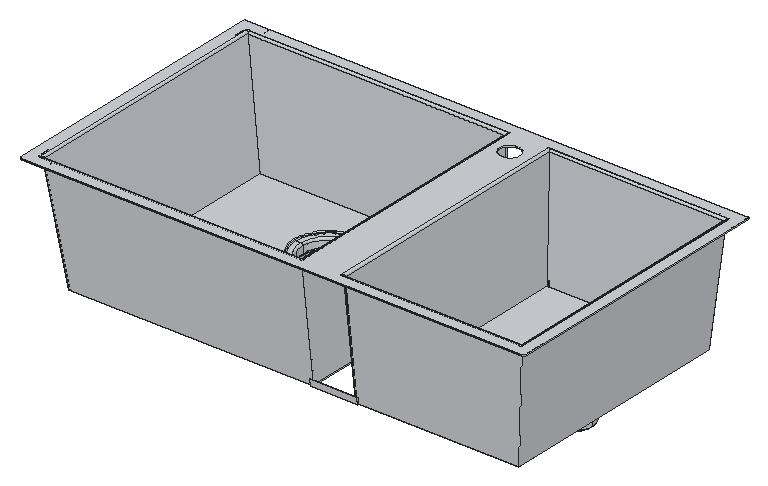
Revit family "Sink-Top_Undermount-Kitchen-KOHLER-GEOG-K-3748T_1", category Plumbing Fixtures, host Face, Revit 2017 (continued)
Definition of nested family "K-3748T"
  Lines and regions (in)
    symbolic lines, detail levels medium+fine
      curve 33: line (-7.9976949, 3.9370079, -11.5315039) -> (-5.7660846, 3.9370079, -11.5315039)
      curve 34: line (-8.6796279, 3.9370079, -11.1515431) -> (-5.0841517, 3.9370079, -11.1515431)
      curve 35: line (-8.8026792, 3.9370079, -8.7165433) -> (-4.9611004, 3.9370079, -8.7165433)
      curve 36: line (-9.1214535, 3.9370079, -8.3057718) -> (-4.642326, 3.9370079, -8.3057718)
      curve 37: line (-9.084772, 3.9370079, -8.1850472) -> (-4.6790075, 3.9370079, -8.1850472)
      curve 38: line (-9.2392389, 3.9370079, -8.0126315) -> (-4.5245406, 3.9370079, -8.0126315)
      curve 39: line (8.5219685, 3.9370079, -12.1716681) -> (10.753622, 3.9370079, -12.1716681)
      curve 40: line (10.8098964, 3.9370079, -12.1391781) -> (8.4656941, 3.9370079, -12.1391781)
      curve 41: line (8.4656941, 3.9370079, -11.6082591) -> (10.8098964, 3.9370079, -11.6082591)
      curve 42: line (10.7536004, 3.9370079, -11.5757566) -> (8.5219901, 3.9370079, -11.5757566)
      curve 43: line (8.5219901, 3.9370079, -11.5315039) -> (10.7536004, 3.9370079, -11.5315039)
      curve 44: line (7.8400572, 3.9370079, -11.1515431) -> (11.4355334, 3.9370079, -11.1515431)
      curve 45: line (7.7170059, 3.9370079, -8.7165433) -> (11.5585847, 3.9370079, -8.7165433)
      curve 46: line (7.3982315, 3.9370079, -8.3057718) -> (11.877359, 3.9370079, -8.3057718)
      curve 47: line (7.434913, 3.9370079, -8.1850472) -> (11.8406775, 3.9370079, -8.1850472)
      curve 48: line (7.2804461, 3.9370079, -8.0126315) -> (11.9951444, 3.9370079, -8.0126315)
      curve 49: line (-16.8503937, 3.9370079, 0.0472441) -> (1.4566929, 3.9370079, 0.0472441)
      curve 50: line (15.2755906, 3.9370079, 0.0472441) -> (4.0541904, 3.9370079, 0.0472441)
      curve 51: line (16.8503937, 3.9370079, 0.0472441) -> (15.2755906, 3.9370079, 0.0472441)
      curve 52: line (15.2755906, 3.9370079, 0) -> (16.0724833, 3.9370079, 0)
      curve 53: line (15.2755906, 3.9370079, 0) -> (15.2755906, 3.9370079, 0.0472441)
      curve 54: line (-16.0724833, 3.9370079, 0) -> (-15.2755906, 3.9370079, 0)
      curve 55: line (-15.2755906, 3.9370079, 0) -> (-15.2755906, 3.9370079, 0.0472441)
      curve 56: line (1.3464567, 3.9370079, -8.0129877) -> (1.3464567, 3.9370079, -7.6222187)
      curve 57: line (4.1653543, 3.9370079, -8.0129877) -> (4.1653543, 3.9370079, -7.6222187)
      curve 58: line (0, 5.0528346, -12.1716681) -> (0, 2.8211811, -12.1716681)
      curve 59: line (0, 5.109109, -12.1391781) -> (0, 2.7649067, -12.1391781)
      curve 60: line (0, 5.109109, -11.6082591) -> (0, 2.7649067, -11.6082591)
      curve 61: line (0, 2.8212027, -11.5757566) -> (0, 5.052813, -11.5757566)
      curve 62: line (0, 5.052813, -11.5315039) -> (0, 2.8212027, -11.5315039)
      curve 63: line (0, 5.8577973, -8.7165433) -> (0, 2.0162185, -8.7165433)
      curve 64: line (0, 6.1765716, -8.3057718) -> (0, 1.6974441, -8.3057718)
      curve 65: line (0, 1.7341256, -8.1850472) -> (0, 6.1486544, -8.1850472)
      curve 66: line (0, 6.294357, -8.0126315) -> (0, 1.5796587, -8.0126315)
      curve 67: line (0, -7.6720785, -7.3887614) -> (0, -7.5954768, -8.0126315)
      curve 68: line (0, -7.5954768, -8.0126315) -> (0, -7.2017761, -8.0126315)
      curve 69: line (0, 8.3875541, -7.6582775) -> (0, 8.378275, -8.0126315)
      curve 70: line (0, 8.378275, -8.0126315) -> (0, 8.0229274, -8.0126315)
      curve 71: line (0, -8.5921683, 0) -> (0, -7.7952756, 0)
      curve 72: line (0, -7.7952756, 0) -> (0, -7.7952756, 0.0472441)
      curve 73: line (0, -9.3700787, 0.0472441) -> (0, 9.3700787, 0.0472441)
      curve 74: line (0, 8.6062521, 0) -> (0, 7.7952756, 0)
      curve 75: line (0, 7.7952756, 0) -> (0, 7.7952756, 0.0472441)
      curve 76: arc (-7.3368791, 5.120194, 0) -> (-7.3828501, 5.2029326, 0) -> (-7.4655887, 5.1569617, 0) r 0.0669291
      curve 77: arc (-7.4655887, 5.1569617, 0) -> (-7.490985, 4.9756, 0) -> (-7.4655887, 4.7942384, 0) r 0.6602737
      curve 78: arc (-7.3368791, 4.8310061, 0) -> (-7.3571268, 4.9756, 0) -> (-7.3368791, 5.120194, 0) r 0.5264154
      curve 79: arc (-7.4655887, 4.7942384, 0) -> (-7.3828501, 4.7482674, 0) -> (-7.3368791, 4.8310061, 0) r 0.0669291
      curve 80: arc (-6.9189254, 5.2889029, 0) -> (-7.0158925, 5.1335504, 0) -> (-7.0664582, 4.9575387, 0) r 0.6602737
      curve 81: arc (-7.0664582, 4.9575387, 0) -> (-7.0095708, 4.8818893, 0) -> (-6.9339214, 4.9387767, 0) r 0.0669291
      curve 82: arc (-6.9339214, 4.9387767, 0) -> (-6.8936069, 5.0791053, 0) -> (-6.8162981, 5.202963, 0) r 0.5264154
      curve 83: arc (-6.8162981, 5.202963, 0) -> (-6.8246418, 5.2972466, 0) -> (-6.9189254, 5.2889029, 0) r 0.0669291
      curve 84: arc (-6.4319896, 5.212383, 0) -> (-6.5781896, 5.1020988, 0) -> (-6.6884738, 4.9558989, 0) r 0.6602737
      curve 85: arc (-6.3669769, 5.0953728, 0) -> (-6.3409782, 5.1863843, 0) -> (-6.4319896, 5.212383, 0) r 0.0669291
      curve 86: arc (-6.5714636, 4.8908861, 0) -> (-6.4835375, 5.0074467, 0) -> (-6.3669769, 5.0953728, 0) r 0.5264154
      curve 87: arc (-6.6884738, 4.9558989, 0) -> (-6.6624751, 4.8648874, 0) -> (-6.5714636, 4.8908861, 0) r 0.0669291
      curve 88: arc (-6.0048183, 4.9664433, 0) -> (-6.18083, 4.9158776, 0) -> (-6.3361825, 4.8189105, 0) r 0.6602737
      curve 89: arc (-5.9860563, 4.8339065, 0) -> (-5.9291688, 4.9095559, 0) -> (-6.0048183, 4.9664433, 0) r 0.0669291
      curve 90: arc (-6.2502426, 4.7162832, 0) -> (-6.1263849, 4.793592, 0) -> (-5.9860563, 4.8339065, 0) r 0.5264154
      curve 91: arc (-6.3361825, 4.8189105, 0) -> (-6.3445262, 4.7246269, 0) -> (-6.2502426, 4.7162832, 0) r 0.0669291
      curve 92: arc (-5.6941563, 4.5837544, 0) -> (-5.8765985, 4.5996241, 0) -> (-6.0563825, 4.5647709, 0) r 0.6602737
      curve 93: arc (-5.7241375, 4.4532968, 0) -> (-5.6439181, 4.503535, 0) -> (-5.6941563, 4.5837544, 0) r 0.0669291
      curve 94: arc (-6.012929, 4.4381619, 0) -> (-5.8695929, 4.4659493, 0) -> (-5.7241375, 4.4532968, 0) r 0.5264154
      curve 95: arc (-6.0563825, 4.5647709, 0) -> (-6.0979602, 4.4797397, 0) -> (-6.012929, 4.4381619, 0) r 0.0669291
      curve 96: arc (-5.8862422, 4.2272398, 0) -> (-5.9555308, 4.1627564, 0) -> (-5.8910475, 4.0934678, 0) r 0.0669291
      curve 97: arc (-5.5412718, 4.1151521, 0) -> (-5.7059091, 4.1953493, 0) -> (-5.8862422, 4.2272398, 0) r 0.6602737
      curve 98: arc (-5.6160135, 4.0041038, 0) -> (-5.5231185, 4.0222572, 0) -> (-5.5412718, 4.1151521, 0) r 0.0669291
      curve 99: arc (-5.8910475, 4.0934678, 0) -> (-5.7472736, 4.0680425, 0) -> (-5.6160135, 4.0041038, 0) r 0.5264154
      curve 100: arc (-5.5664739, 3.6228854, 0) -> (-5.691436, 3.7567566, 0) -> (-5.8483629, 3.8511545, 0) r 0.6602737
      curve 101: arc (-5.8483629, 3.8511545, 0) -> (-5.9361581, 3.815785, 0) -> (-5.9007886, 3.7279897, 0) r 0.0669291
      curve 102: arc (-5.6760474, 3.5459979, 0) -> (-5.5828169, 3.5296549, 0) -> (-5.5664739, 3.6228854, 0) r 0.0669291
      curve 103: arc (-5.9007886, 3.7279897, 0) -> (-5.7756757, 3.6527292, 0) -> (-5.6760474, 3.5459979, 0) r 0.5264154
      curve 104: arc (-5.8962644, 3.1398333, 0) -> (-5.815083, 3.091165, 0) -> (-5.7664147, 3.1723464, 0) r 0.0669291
      curve 105: arc (-5.7664147, 3.1723464, 0) -> (-5.8351017, 3.3421083, 0) -> (-5.9477764, 3.486474, 0) r 0.6602737
      curve 106: arc (-5.9477764, 3.486474, 0) -> (-6.0424156, 3.4849166, 0) -> (-6.0408583, 3.3902774, 0) r 0.0669291
      curve 107: arc (-6.0408583, 3.3902774, 0) -> (-5.9510264, 3.2751792, 0) -> (-5.8962644, 3.1398333, 0) r 0.5264154
      curve 108: arc (-6.247411, 2.8395648, 0) -> (-6.1890629, 2.7650362, 0) -> (-6.1145343, 2.8233844, 0) r 0.0669291
      curve 109: arc (-6.1145343, 2.8233844, 0) -> (-6.1178219, 3.006486, 0) -> (-6.1712767, 3.1816419, 0) r 0.6602737
      curve 110: arc (-6.1712767, 3.1816419, 0) -> (-6.2601882, 3.2141037, 0) -> (-6.29265, 3.1251923, 0) r 0.0669291
      curve 111: arc (-6.29265, 3.1251923, 0) -> (-6.2500321, 2.9855459, 0) -> (-6.247411, 2.8395648, 0) r 0.5264154
      curve 112: arc (-6.5645887, 2.6223551, 0) -> (-6.5020401, 2.7944734, 0) -> (-6.4891743, 2.9771521, 0) r 0.6602737
      curve 113: arc (-6.6828413, 2.6850796, 0) -> (-6.6550772, 2.5945911, 0) -> (-6.5645887, 2.6223551, 0) r 0.0669291
      curve 114: arc (-6.4891743, 2.9771521, 0) -> (-6.560547, 3.0393208, 0) -> (-6.6227157, 2.967948, 0) r 0.0669291
      curve 115: arc (-6.6227157, 2.967948, 0) -> (-6.6329733, 2.8223041, 0) -> (-6.6828413, 2.6850796, 0) r 0.5264154
      curve 116: arc (-7.0567931, 2.5959633, 0) -> (-6.9367173, 2.7342341, 0) -> (-6.8592398, 2.9001686, 0) r 0.6602737
      curve 117: arc (-7.1447129, 2.6968996, 0) -> (-7.1512212, 2.6024715, 0) -> (-7.0567931, 2.5959633, 0) r 0.0669291
      curve 118: arc (-6.8592398, 2.9001686, 0) -> (-6.9035927, 2.9837858, 0) -> (-6.9872099, 2.9394329, 0) r 0.0669291
      curve 119: arc (-6.9872099, 2.9394329, 0) -> (-7.0489803, 2.8071386, 0) -> (-7.1447129, 2.6968996, 0) r 0.5264154
      curve 120: arc (-7.5257635, 2.7477146, 0) -> (-7.3641113, 2.8337703, 0) -> (-7.2323142, 2.960918, 0) r 0.6602737
      curve 121: arc (-7.5716714, 2.8734544, 0) -> (-7.6115873, 2.7876306, 0) -> (-7.5257635, 2.7477146, 0) r 0.0669291
      curve 122: arc (-7.3377135, 3.0434348, 0) -> (-7.4427912, 2.9420639, 0) -> (-7.5716714, 2.8734544, 0) r 0.5264154
      curve 123: arc (-7.2323142, 2.960918, 0) -> (-7.2437555, 3.0548761, 0) -> (-7.3377135, 3.0434348, 0) r 0.0669291
      curve 124: arc (-7.5588384, 3.1513304, 0) -> (-7.5358483, 3.243148, 0) -> (-7.6276658, 3.2661382, 0) r 0.0669291
      curve 125: arc (-7.9092022, 3.0574507, 0) -> (-7.7274473, 3.0798596, 0) -> (-7.5588384, 3.1513304, 0) r 0.6602737
      curve 126: arc (-7.9069999, 3.1912908, 0) -> (-7.9750211, 3.1254719, 0) -> (-7.9092022, 3.0574507, 0) r 0.0669291
      curve 127: arc (-7.6276658, 3.2661382, 0) -> (-7.7620924, 3.2091567, 0) -> (-7.9069999, 3.1912908, 0) r 0.5264154
      curve 128: arc (-8.1561737, 3.4840264, 0) -> (-7.9784602, 3.4398117, 0) -> (-7.7954374, 3.4461115, 0) r 0.6602737
      curve 129: arc (-8.1061536, 3.6081876, 0) -> (-8.1932443, 3.5711171, 0) -> (-8.1561737, 3.4840264, 0) r 0.0669291
      curve 130: arc (-7.7954374, 3.4461115, 0) -> (-7.7410698, 3.5235916, 0) -> (-7.8185499, 3.5779593, 0) r 0.0669291
      curve 131: arc (-7.8185499, 3.5779593, 0) -> (-7.9644682, 3.5729367, 0) -> (-8.1061536, 3.6081876, 0) r 0.5264154
      curve 132: arc (-8.2338704, 3.9707757, 0) -> (-8.0838056, 3.865811, 0) -> (-7.9106815, 3.8061028, 0) r 0.6602737
      curve 133: arc (-8.1426771, 4.0687647, 0) -> (-8.2372682, 4.0653668, 0) -> (-8.2338704, 3.9707757, 0) r 0.0669291
      curve 134: arc (-7.8850089, 3.9374761, 0) -> (-8.0230352, 3.9850796, 0) -> (-8.1426771, 4.0687647, 0) r 0.5264154
      curve 135: arc (-7.9106815, 3.8061028, 0) -> (-7.8321585, 3.8589531, 0) -> (-7.8850089, 3.9374761, 0) r 0.0669291
      curve 136: arc (-7.8892618, 4.1834834, 0) -> (-7.7970144, 4.2046833, 0) -> (-7.8182143, 4.2969307, 0) r 0.0669291
      curve 137: arc (-8.1319711, 4.4530394, 0) -> (-8.0294896, 4.301268, 0) -> (-7.8892618, 4.1834834, 0) r 0.6602737
      curve 138: arc (-7.8182143, 4.2969307, 0) -> (-7.9300135, 4.3908366, 0) -> (-8.0117188, 4.5118392, 0) r 0.5264154
      curve 139: arc (-8.0117188, 4.5118392, 0) -> (-8.1012448, 4.5425655, 0) -> (-8.1319711, 4.4530394, 0) r 0.0669291
      curve 140: arc (-7.864012, 4.8667539, 0) -> (-7.8227273, 4.688337, 0) -> (-7.7340236, 4.5281225, 0) r 0.6602737
      curve 141: arc (-7.7306749, 4.8785537, 0) -> (-7.8032434, 4.9393224, 0) -> (-7.864012, 4.8667539, 0) r 0.0669291
      curve 142: arc (-7.7340236, 4.5281225, 0) -> (-7.6403059, 4.5148558, 0) -> (-7.6270392, 4.6085735, 0) r 0.0669291
      curve 143: arc (-7.6270392, 4.6085735, 0) -> (-7.6977599, 4.7363075, 0) -> (-7.7306749, 4.8785537, 0) r 0.5264154
      curve 144: arc (9.1828059, 5.120194, 0) -> (9.136835, 5.2029326, 0) -> (9.0540963, 5.1569617, 0) r 0.0669291
      curve 145: arc (9.0540963, 5.1569617, 0) -> (9.0287, 4.9756, 0) -> (9.0540963, 4.7942384, 0) r 0.6602737
      curve 146: arc (9.1828059, 4.8310061, 0) -> (9.1625583, 4.9756, 0) -> (9.1828059, 5.120194, 0) r 0.5264154
      curve 147: arc (9.0540963, 4.7942384, 0) -> (9.136835, 4.7482674, 0) -> (9.1828059, 4.8310061, 0) r 0.0669291
      curve 148: arc (9.6007597, 5.2889029, 0) -> (9.5037925, 5.1335504, 0) -> (9.4532268, 4.9575387, 0) r 0.6602737
      curve 149: arc (9.4532268, 4.9575387, 0) -> (9.5101143, 4.8818893, 0) -> (9.5857637, 4.9387767, 0) r 0.0669291
      curve 150: arc (9.5857637, 4.9387767, 0) -> (9.6260782, 5.0791053, 0) -> (9.703387, 5.202963, 0) r 0.5264154
      curve 151: arc (9.703387, 5.202963, 0) -> (9.6950433, 5.2972466, 0) -> (9.6007597, 5.2889029, 0) r 0.0669291
      curve 152: arc (10.0876954, 5.212383, 0) -> (9.9414954, 5.1020988, 0) -> (9.8312113, 4.9558989, 0) r 0.6602737
      curve 153: arc (10.1527081, 5.0953728, 0) -> (10.1787068, 5.1863843, 0) -> (10.0876954, 5.212383, 0) r 0.0669291
      curve 154: arc (9.9482214, 4.8908861, 0) -> (10.0361475, 5.0074467, 0) -> (10.1527081, 5.0953728, 0) r 0.5264154
      curve 155: arc (9.8312113, 4.9558989, 0) -> (9.85721, 4.8648874, 0) -> (9.9482214, 4.8908861, 0) r 0.0669291
      curve 156: arc (10.5148668, 4.9664433, 0) -> (10.3388551, 4.9158776, 0) -> (10.1835026, 4.8189105, 0) r 0.6602737
      curve 157: arc (10.5336287, 4.8339065, 0) -> (10.5905162, 4.9095559, 0) -> (10.5148668, 4.9664433, 0) r 0.0669291
      curve 158: arc (10.2694425, 4.7162832, 0) -> (10.3933001, 4.793592, 0) -> (10.5336287, 4.8339065, 0) r 0.5264154
      curve 159: arc (10.1835026, 4.8189105, 0) -> (10.1751588, 4.7246269, 0) -> (10.2694425, 4.7162832, 0) r 0.0669291
      curve 160: arc (10.8255287, 4.5837544, 0) -> (10.6430865, 4.5996241, 0) -> (10.4633025, 4.5647709, 0) r 0.6602737
      curve 161: arc (10.7955476, 4.4532968, 0) -> (10.8757669, 4.503535, 0) -> (10.8255287, 4.5837544, 0) r 0.0669291
      curve 162: arc (10.506756, 4.4381619, 0) -> (10.6500921, 4.4659493, 0) -> (10.7955476, 4.4532968, 0) r 0.5264154
      curve 163: arc (10.4633025, 4.5647709, 0) -> (10.4217248, 4.4797397, 0) -> (10.506756, 4.4381619, 0) r 0.0669291
      curve 164: arc (10.6334428, 4.2272398, 0) -> (10.5641542, 4.1627564, 0) -> (10.6286376, 4.0934678, 0) r 0.0669291
      curve 165: arc (10.9784132, 4.1151521, 0) -> (10.8137759, 4.1953493, 0) -> (10.6334428, 4.2272398, 0) r 0.6602737
      curve 166: arc (10.9036716, 4.0041038, 0) -> (10.9965665, 4.0222572, 0) -> (10.9784132, 4.1151521, 0) r 0.0669291
      curve 167: arc (10.6286376, 4.0934678, 0) -> (10.7724114, 4.0680425, 0) -> (10.9036716, 4.0041038, 0) r 0.5264154
      curve 168: arc (10.9532111, 3.6228854, 0) -> (10.8282491, 3.7567566, 0) -> (10.6713222, 3.8511545, 0) r 0.6602737
      curve 169: arc (10.6713222, 3.8511545, 0) -> (10.5835269, 3.815785, 0) -> (10.6188965, 3.7279897, 0) r 0.0669291
      curve 170: arc (10.8436376, 3.5459979, 0) -> (10.9368681, 3.5296549, 0) -> (10.9532111, 3.6228854, 0) r 0.0669291
      curve 171: arc (10.6188965, 3.7279897, 0) -> (10.7440093, 3.6527292, 0) -> (10.8436376, 3.5459979, 0) r 0.5264154
      curve 172: arc (10.6234206, 3.1398333, 0) -> (10.704602, 3.091165, 0) -> (10.7532703, 3.1723464, 0) r 0.0669291
      curve 173: arc (10.7532703, 3.1723464, 0) -> (10.6845833, 3.3421083, 0) -> (10.5719087, 3.486474, 0) r 0.6602737
      curve 174: arc (10.5719087, 3.486474, 0) -> (10.4772694, 3.4849166, 0) -> (10.4788267, 3.3902774, 0) r 0.0669291
      curve 175: arc (10.4788267, 3.3902774, 0) -> (10.5686587, 3.2751792, 0) -> (10.6234206, 3.1398333, 0) r 0.5264154
      curve 176: arc (10.272274, 2.8395648, 0) -> (10.3306222, 2.7650362, 0) -> (10.4051508, 2.8233844, 0) r 0.0669291
      curve 177: arc (10.4051508, 2.8233844, 0) -> (10.4018632, 3.006486, 0) -> (10.3484083, 3.1816419, 0) r 0.6602737
      curve 178: arc (10.3484083, 3.1816419, 0) -> (10.2594969, 3.2141037, 0) -> (10.2270351, 3.1251923, 0) r 0.0669291
      curve 179: arc (10.2270351, 3.1251923, 0) -> (10.2696529, 2.9855459, 0) -> (10.272274, 2.8395648, 0) r 0.5264154
      curve 180: arc (9.9550964, 2.6223551, 0) -> (10.0176449, 2.7944734, 0) -> (10.0305108, 2.9771521, 0) r 0.6602737
      curve 181: arc (9.8368438, 2.6850796, 0) -> (9.8646078, 2.5945911, 0) -> (9.9550964, 2.6223551, 0) r 0.0669291
      curve 182: arc (10.0305108, 2.9771521, 0) -> (9.959138, 3.0393208, 0) -> (9.8969693, 2.967948, 0) r 0.0669291
      curve 183: arc (9.8969693, 2.967948, 0) -> (9.8867118, 2.8223041, 0) -> (9.8368438, 2.6850796, 0) r 0.5264154
      curve 184: arc (9.462892, 2.5959633, 0) -> (9.5829677, 2.7342341, 0) -> (9.6604452, 2.9001686, 0) r 0.6602737
      curve 185: arc (9.3749721, 2.6968996, 0) -> (9.3684639, 2.6024715, 0) -> (9.462892, 2.5959633, 0) r 0.0669291
      curve 186: arc (9.6604452, 2.9001686, 0) -> (9.6160923, 2.9837858, 0) -> (9.5324751, 2.9394329, 0) r 0.0669291
      curve 187: arc (9.5324751, 2.9394329, 0) -> (9.4707047, 2.8071386, 0) -> (9.3749721, 2.6968996, 0) r 0.5264154
      curve 188: arc (8.9939216, 2.7477146, 0) -> (9.1555738, 2.8337703, 0) -> (9.2873709, 2.960918, 0) r 0.6602737
      curve 189: arc (8.9480136, 2.8734544, 0) -> (8.9080977, 2.7876306, 0) -> (8.9939216, 2.7477146, 0) r 0.0669291
      curve 190: arc (9.1819715, 3.0434348, 0) -> (9.0768939, 2.9420639, 0) -> (8.9480136, 2.8734544, 0) r 0.5264154
      curve 191: arc (9.2873709, 2.960918, 0) -> (9.2759296, 3.0548761, 0) -> (9.1819715, 3.0434348, 0) r 0.0669291
      curve 192: arc (8.9608466, 3.1513304, 0) -> (8.9838368, 3.243148, 0) -> (8.8920192, 3.2661382, 0) r 0.0669291
      curve 193: arc (8.6104828, 3.0574507, 0) -> (8.7922377, 3.0798596, 0) -> (8.9608466, 3.1513304, 0) r 0.6602737
      curve 194: arc (8.6126852, 3.1912908, 0) -> (8.5446639, 3.1254719, 0) -> (8.6104828, 3.0574507, 0) r 0.0669291
      curve 195: arc (8.8920192, 3.2661382, 0) -> (8.7575927, 3.2091567, 0) -> (8.6126852, 3.1912908, 0) r 0.5264154
      curve 196: arc (8.3635113, 3.4840264, 0) -> (8.5412248, 3.4398117, 0) -> (8.7242476, 3.4461115, 0) r 0.6602737
      curve 197: arc (8.4135315, 3.6081876, 0) -> (8.3264408, 3.5711171, 0) -> (8.3635113, 3.4840264, 0) r 0.0669291
      curve 198: arc (8.7242476, 3.4461115, 0) -> (8.7786153, 3.5235916, 0) -> (8.7011351, 3.5779593, 0) r 0.0669291
      curve 199: arc (8.7011351, 3.5779593, 0) -> (8.5552168, 3.5729367, 0) -> (8.4135315, 3.6081876, 0) r 0.5264154
      curve 200: arc (8.2858147, 3.9707757, 0) -> (8.4358794, 3.865811, 0) -> (8.6090035, 3.8061028, 0) r 0.6602737
      curve 201: arc (8.3770079, 4.0687647, 0) -> (8.2824168, 4.0653668, 0) -> (8.2858147, 3.9707757, 0) r 0.0669291
      curve 202: arc (8.6346762, 3.9374761, 0) -> (8.4966498, 3.9850796, 0) -> (8.3770079, 4.0687647, 0) r 0.5264154
      curve 203: arc (8.6090035, 3.8061028, 0) -> (8.6875265, 3.8589531, 0) -> (8.6346762, 3.9374761, 0) r 0.0669291
      curve 204: arc (8.6304232, 4.1834834, 0) -> (8.7226706, 4.2046833, 0) -> (8.7014707, 4.2969307, 0) r 0.0669291
      curve 205: arc (8.387714, 4.4530394, 0) -> (8.4901955, 4.301268, 0) -> (8.6304232, 4.1834834, 0) r 0.6602737
      curve 206: arc (8.7014707, 4.2969307, 0) -> (8.5896716, 4.3908366, 0) -> (8.5079663, 4.5118392, 0) r 0.5264154
      curve 207: arc (8.5079663, 4.5118392, 0) -> (8.4184402, 4.5425655, 0) -> (8.387714, 4.4530394, 0) r 0.0669291
      curve 208: arc (8.655673, 4.8667539, 0) -> (8.6969577, 4.688337, 0) -> (8.7856614, 4.5281225, 0) r 0.6602737
      curve 209: arc (8.7890102, 4.8785537, 0) -> (8.7164417, 4.9393224, 0) -> (8.655673, 4.8667539, 0) r 0.0669291
      curve 210: arc (8.7856614, 4.5281225, 0) -> (8.8793791, 4.5148558, 0) -> (8.8926458, 4.6085735, 0) r 0.0669291
      curve 211: arc (8.8926458, 4.6085735, 0) -> (8.8219252, 4.7363075, 0) -> (8.7890102, 4.8785537, 0) r 0.5264154
      curve 212: line (-6.8818898, 3.9370079, -8.9665433) -> (-6.9112951, 3.9370079, -11.0342742)
      curve 213: line (-6.8818898, 3.9370079, -8.9665433) -> (-6.8524845, 3.9370079, -11.0342742)
      curve 214: arc (-6.9112951, 3.9370079, -11.0342742) -> (-6.8818898, 3.9370079, -11.0641007) -> (-6.8524845, 3.9370079, -11.0342742) r 0.0294083
      curve 215: line (-7.5381398, 3.9370079, -8.9665433) -> (-7.5675451, 3.9370079, -11.0342742)
      curve 216: line (-7.5381398, 3.9370079, -8.9665433) -> (-7.5087345, 3.9370079, -11.0342742)
      curve 217: arc (-7.5675451, 3.9370079, -11.0342742) -> (-7.5381398, 3.9370079, -11.0641007) -> (-7.5087345, 3.9370079, -11.0342742) r 0.0294083
      curve 218: line (-8.0539909, 3.9370079, -8.9665433) -> (-8.0833962, 3.9370079, -11.0342742)
      curve 219: line (-8.0539909, 3.9370079, -8.9665433) -> (-8.0245856, 3.9370079, -11.0342742)
      curve 220: arc (-8.0833962, 3.9370079, -11.0342742) -> (-8.0539909, 3.9370079, -11.0641007) -> (-8.0245856, 3.9370079, -11.0342742) r 0.0294083
      curve 221: line (-8.4797514, 3.9370079, -8.9665433) -> (-8.5091567, 3.9370079, -11.0342742)
      curve 222: line (-8.4797514, 3.9370079, -8.9665433) -> (-8.4503461, 3.9370079, -11.0342742)
      curve 223: arc (-8.5091567, 3.9370079, -11.0342742) -> (-8.4797514, 3.9370079, -11.0641007) -> (-8.4503461, 3.9370079, -11.0342742) r 0.0294083
      curve 224: line (-5.7097886, 3.9370079, -8.9665433) -> (-5.6803833, 3.9370079, -11.0342742)
      curve 225: line (-5.7097886, 3.9370079, -8.9665433) -> (-5.7391939, 3.9370079, -11.0342742)
      curve 226: arc (-5.6803833, 3.9370079, -11.0342742) -> (-5.7097886, 3.9370079, -11.0641007) -> (-5.7391939, 3.9370079, -11.0342742) r 0.0294083
      curve 227: line (-5.2840281, 3.9370079, -8.9665433) -> (-5.2546228, 3.9370079, -11.0342742)
      curve 228: line (-5.2840281, 3.9370079, -8.9665433) -> (-5.3134334, 3.9370079, -11.0342742)
      curve 229: arc (-5.2546228, 3.9370079, -11.0342742) -> (-5.2840281, 3.9370079, -11.0641007) -> (-5.3134334, 3.9370079, -11.0342742) r 0.0294083
      curve 230: line (-6.2256398, 3.9370079, -8.9665433) -> (-6.1962345, 3.9370079, -11.0342742)
      curve 231: line (-6.2256398, 3.9370079, -8.9665433) -> (-6.2550451, 3.9370079, -11.0342742)
      curve 232: arc (-6.1962345, 3.9370079, -11.0342742) -> (-6.2256398, 3.9370079, -11.0641007) -> (-6.2550451, 3.9370079, -11.0342742) r 0.0294083
      curve 233: line (9.6377953, 3.9370079, -8.9665433) -> (9.60839, 3.9370079, -11.0342742)
      curve 234: line (9.6377953, 3.9370079, -8.9665433) -> (9.6672006, 3.9370079, -11.0342742)
      curve 235: arc (9.60839, 3.9370079, -11.0342742) -> (9.6377953, 3.9370079, -11.0641007) -> (9.6672006, 3.9370079, -11.0342742) r 0.0294083
      curve 236: line (8.9815453, 3.9370079, -8.9665433) -> (8.95214, 3.9370079, -11.0342742)
      curve 237: line (8.9815453, 3.9370079, -8.9665433) -> (9.0109506, 3.9370079, -11.0342742)
      curve 238: arc (8.95214, 3.9370079, -11.0342742) -> (8.9815453, 3.9370079, -11.0641007) -> (9.0109506, 3.9370079, -11.0342742) r 0.0294083
      curve 239: line (8.4656941, 3.9370079, -8.9665433) -> (8.4362889, 3.9370079, -11.0342742)
      curve 240: line (8.4656941, 3.9370079, -8.9665433) -> (8.4950994, 3.9370079, -11.0342742)
      curve 241: arc (8.4362889, 3.9370079, -11.0342742) -> (8.4656941, 3.9370079, -11.0641007) -> (8.4950994, 3.9370079, -11.0342742) r 0.0294083
      curve 242: line (8.0399336, 3.9370079, -8.9665433) -> (8.0105283, 3.9370079, -11.0342742)
      curve 243: line (8.0399336, 3.9370079, -8.9665433) -> (8.0693389, 3.9370079, -11.0342742)
      curve 244: arc (8.0105283, 3.9370079, -11.0342742) -> (8.0399336, 3.9370079, -11.0641007) -> (8.0693389, 3.9370079, -11.0342742) r 0.0294083
      curve 245: line (10.8098964, 3.9370079, -8.9665433) -> (10.8393017, 3.9370079, -11.0342742)
      curve 246: line (10.8098964, 3.9370079, -8.9665433) -> (10.7804911, 3.9370079, -11.0342742)
      curve 247: arc (10.8393017, 3.9370079, -11.0342742) -> (10.8098964, 3.9370079, -11.0641007) -> (10.7804911, 3.9370079, -11.0342742) r 0.0294083
      curve 248: line (11.2356569, 3.9370079, -8.9665433) -> (11.2650622, 3.9370079, -11.0342742)
      curve 249: line (11.2356569, 3.9370079, -8.9665433) -> (11.2062516, 3.9370079, -11.0342742)
      curve 250: arc (11.2650622, 3.9370079, -11.0342742) -> (11.2356569, 3.9370079, -11.0641007) -> (11.2062516, 3.9370079, -11.0342742) r 0.0294083
      curve 251: line (10.2940453, 3.9370079, -8.9665433) -> (10.3234506, 3.9370079, -11.0342742)
      curve 252: line (10.2940453, 3.9370079, -8.9665433) -> (10.26464, 3.9370079, -11.0342742)
      curve 253: arc (10.3234506, 3.9370079, -11.0342742) -> (10.2940453, 3.9370079, -11.0641007) -> (10.26464, 3.9370079, -11.0342742) r 0.0294083
      curve 254: line (0, 3.9370079, -9.0905591) -> (0, 3.9755162, -11.2966989)
      curve 255: line (0, 3.9370079, -9.0905591) -> (0, 3.8984996, -11.2966989)
      curve 256: arc (0, 3.9755162, -11.2966989) -> (0, 3.9370079, -11.3358852) -> (0, 3.8984996, -11.2966989) r 0.0385142
      curve 257: line (0, 4.5212035, -9.0905591) -> (0, 4.5597118, -11.2966989)
      curve 258: line (0, 4.5212035, -9.0905591) -> (0, 4.4826952, -11.2966989)
      curve 259: arc (0, 4.5597118, -11.2966989) -> (0, 4.5212035, -11.3358852) -> (0, 4.4826952, -11.2966989) r 0.0385142
      curve 260: line (0, 5.052813, -9.0905591) -> (0, 5.0913213, -11.2966989)
      curve 261: line (0, 5.052813, -9.0905591) -> (0, 5.0143047, -11.2966989)
      curve 262: arc (0, 5.0913213, -11.2966989) -> (0, 5.052813, -11.3358852) -> (0, 5.0143047, -11.2966989) r 0.0385142
      curve 263: line (0, 5.552813, -9.0905591) -> (0, 5.5913213, -11.2966989)
      curve 264: line (0, 5.552813, -9.0905591) -> (0, 5.5143047, -11.2966989)
      curve 265: arc (0, 5.5913213, -11.2966989) -> (0, 5.552813, -11.3358852) -> (0, 5.5143047, -11.2966989) r 0.0385142
      curve 266: line (0, 3.3528122, -9.0905591) -> (0, 3.3143039, -11.2966989)
      curve 267: line (0, 3.3528122, -9.0905591) -> (0, 3.3913205, -11.2966989)
      curve 268: arc (0, 3.3143039, -11.2966989) -> (0, 3.3528122, -11.3358852) -> (0, 3.3913205, -11.2966989) r 0.0385142
      curve 269: line (0, 2.8212027, -9.0905591) -> (0, 2.7826944, -11.2966989)
      curve 270: line (0, 2.8212027, -9.0905591) -> (0, 2.8597111, -11.2966989)
      curve 271: arc (0, 2.7826944, -11.2966989) -> (0, 2.8212027, -11.3358852) -> (0, 2.8597111, -11.2966989) r 0.0385142
      curve 272: line (0, 2.3212027, -9.0905591) -> (0, 2.2826944, -11.2966989)
      curve 273: line (0, 2.3212027, -9.0905591) -> (0, 2.3597111, -11.2966989)
      curve 274: arc (0, 2.2826944, -11.2966989) -> (0, 2.3212027, -11.3358852) -> (0, 2.3597111, -11.2966989) r 0.0385142
  Dimensions and locks (in)
    plane 6 to plane 7 = 18.89764"
    plane 4 to plane 5 = 33.85827"
    plane 4 to plane 8 = 10.04724"
    plane 9 to plane 5 = 7.29134"
    plane 11 to plane 5 = 14.17323"
    plane 6 to plane 12 = 2.3622"
    plane 6 to plane 10 "111" = 5.51181"
    plane 15 to plane 14 = 8.32677"
    aligned and locked: plane 2 to level
